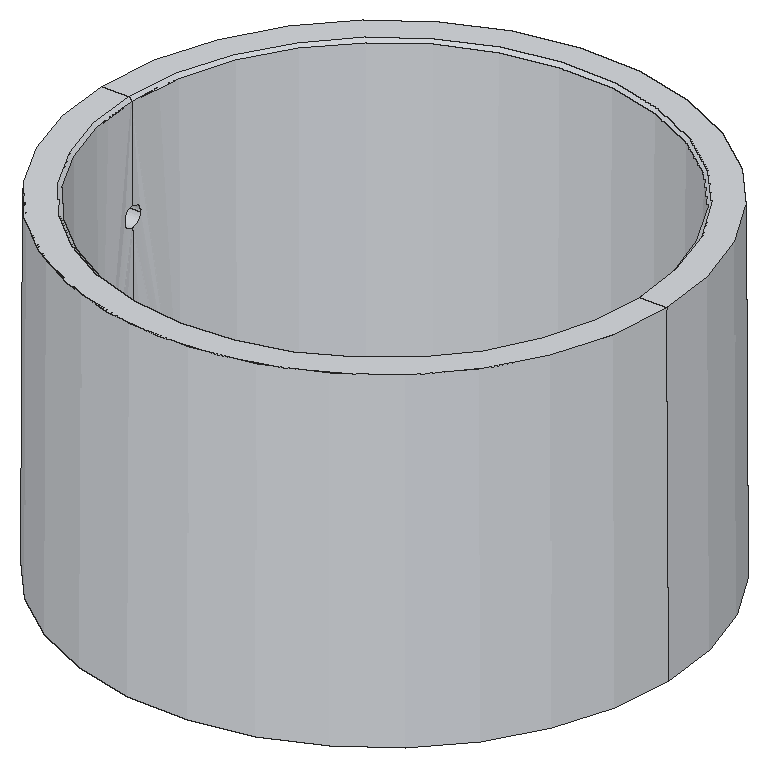
Revit family "Кольцо 1500х990 без замка КС 15.10", category Обобщенные модели, Revit 2023
Family settings
  Может служить основой для арматурных стержней = Нет
  Размер круглого соединителя = Использовать диаметр
  Тип детали = Нормальный
  На основе рабочей плоскости = Нет
  Всегда вертикально = Да
  При загрузке вырезать с полостями = Нет
  Сохранять ориентацию аннотаций = Нет
  Общий = Нет
  Точка принадлежности помещению = Нет
Parameters (values of type "Кольцо 1500х990 без замка КС 15.10")
  фаска = 10 mm
  толщ_на_h2_расч = (t1 - t2) / 2 * (h1 + h2) / ADSK_Размер_Высота + 10 mm  # 13.409 mm
  толщ_на_h1_расч = (t1 - t2) / 2 * h1 / ADSK_Размер_Высота + 10 mm  # 11.869 mm
  сужение_низ = 5 mm
  вырез2 = yes
  вырез1 = yes
  Отметка по умолчанию = 0 mm
  t2 = 90 mm
  t1 = 100 mm
  h2 = 305 mm
  h1 = 370 mm
  ADSK_Размер_Диаметр = 1500 mm
  ADSK_Размер_Высота = 990 mm
  ADSK_Масса = 1154
Reference planes
  plane 1 "По центру (Вперед/Назад)": y = 0
  plane 2: z = 0
  plane 3 "По центру (Влево/Вправо)": x = 0
  plane 4: x = 750
  plane 5: x = -750
  plane 6: y = 750
  plane 7: y = -750
  plane 8: z = 990
  plane 9: x = -845
  plane 10: x = 845
  plane 11: y = 845
  plane 12: y = -845
  plane 13: y = 840
  plane 14: y = -840
  plane 15: x = -840
  plane 16: x = 840
  plane 17: z = 370
  plane 18: z = 675
  plane 19: y = 745
  plane 20: y = -745
  plane 21: x = -745
  plane 22: x = 745
  plane 23: x = -831.591
  plane 24: x = -833.131
  plane 25: x = 831.591
  plane 26: x = 833.131
  plane 27: x = -760
  plane 28: z = 980
Forms (mm)
  Extrusion 1, void, detail levels medium+fine
    sketch origin (0, 0, 0) x (0, -1, 0) y (0, 0, 1)
      loop
        circle (0, 675) r 30
    from -831.591 to 831.591
  Extrusion 2, void, detail levels medium+fine
    sketch origin (0, 0, 0) x (0, -1, 0) y (0, 0, 1)
      loop
        circle (0, 370) r 30
    from -833.131 to 833.131
  Revolve 3, solid
    sketch origin (0, 0, 0) x (1, 0, 0) y (0, 0, 1)
      loop
        line (-845, 0) -> (-745, 0) -> (-750, 980) -> (-760, 990) -> (-840, 990) -> (-845, 0)
      axis (0, 990) -> (0, 0)
    angle from 0 to 360
Cuts and joins
  Extrusion 1, Extrusion 2 cuts Revolve 3
Dimensions and locks
  equal spacing: plane 5, plane 3 "По центру (Влево/Вправо)", plane 4
  equal spacing: plane 7, plane 1 "По центру (Вперед/Назад)", plane 6
  "ADSK_Размер_Диаметр": plane 5 to plane 4
  "ADSK_Размер_Диаметр": plane 7 to plane 6
  "t1": plane 9 to plane 21
  "t1": plane 22 to plane 10
  "t2": plane 6 to plane 13
  "t2": plane 14 to plane 7
  "t2": plane 15 to plane 5
  "t2": plane 4 to plane 16
  "h1": plane 17 to level
  "h2": plane 18 to plane 17
  "ADSK_Размер_Высота": plane 8 to level
  "сужение_низ": plane 5 to plane 21
  "сужение_низ": plane 22 to plane 4
  "сужение_низ": plane 19 to plane 6
  "сужение_низ": plane 7 to plane 20
  "t1": plane 12 to plane 20
  "t1": plane 19 to plane 11
  "толщ_на_h2_расч": plane 23 to plane 9
  "толщ_на_h1_расч": plane 24 to plane 9
  "толщ_на_h2_расч": plane 10 to plane 25
  "толщ_на_h1_расч": plane 10 to plane 26
  "фаска": plane 8 to plane 28
  "фаска": plane 5 to plane 27
  aligned and locked: level to plane 2
  aligned and locked: Extrusion 1 to plane 23
  aligned and locked: Extrusion 2 to plane 24
  aligned and locked: plane 25 to Extrusion 1
  aligned and locked: plane 26 to Extrusion 2
Automatic sketch dimensions
  Extrusion 1 sketch curve to plane 1 "По центру (Вперед/Назад)" = 0 mm
  Extrusion 1 sketch curve to plane 18 = 0 mm
  Extrusion 2 sketch curve to plane 1 "По центру (Вперед/Назад)" = 0 mm
  Extrusion 2 sketch curve to plane 17 = 0 mm
  Revolve 3 sketch curve to level = 0 mm
  Revolve 3 sketch curve to plane 9 = 0 mm
  Revolve 3 sketch curve to plane 8 = 0 mm
  Revolve 3 sketch curve to plane 15 = 0 mm
  Revolve 3 sketch curve to plane 27 = 0 mm
  Revolve 3 sketch curve to plane 5 = 0 mm
  Revolve 3 sketch curve to plane 21 = 0 mm
  Revolve 3 sketch curve to plane 28 = 0 mm
  radius of Extrusion 1 sketch curve = 30 mm
  radius of Extrusion 2 sketch curve = 30 mm
